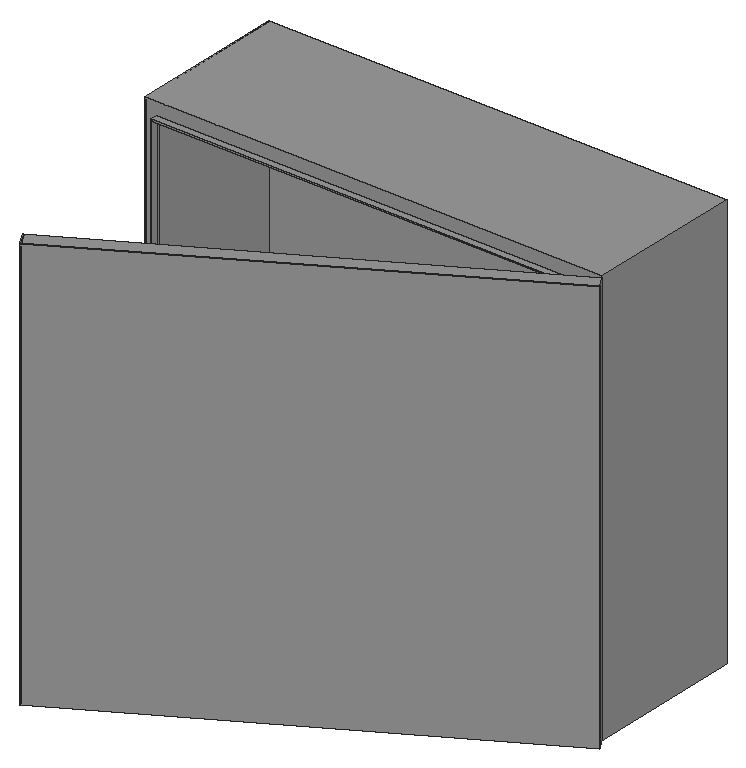
Revit family "Hager-Univers-IP44-D205-H500-Cl.I-Encl-NoHosted-AT-de", category Equipement électrique, Revit 2020
Family settings
  Configuration du panneau = Deux colonnes, circuits au sein
  Cote de connecteur circulaire = Utiliser le diamètre
  Type d'élément = Tableau de raccordement
  Basée sur le plan de construction = Oui
  Toujours verticalement = Oui
  Couper avec des vides une fois chargée = Non
  Partagée = Non
  Point de calcul de pièce = Non
Parameters (values of type "Aufputz IP44 B550 H500 T205  - FP32TN2")
  Width Control [instance] = if([EF000008 - Breite] > Min Width, [EF000008 - Breite], Min Width)  # 550 mm
  Commentaires du type = [HG000003 - Bereich]  # "Univers"
  Thickness Door [instance] = if([EF009171 - Materialstärke Tür/Deckel] > 3 mm, 3 mm, [EF009171 - Materialstärke Tür/Deckel])  # 1 mm
  Seal Frame Offset [instance] = 17 mm  # constant formula
  Plinth Visibility [instance] = [HG000027 - Sockelhöhe] > 0 mm  # no
  Min Width [instance] = 100 mm  # constant formula
  Min Depth [instance] = (2 * [EF009170 - Materialstärke Gehäuse]) + 1 mm  # 3 mm
  Min Height [instance] = 100 mm  # constant formula
  Internal Frame Depth [instance] = (Door System Depth * 0.5)  # 9 mm
  Panel Name [instance] = ""  # (empty or 0)
  Model = ""
  HG000027 - Sockelhöhe = 0 mm
  HG000026 - Stehend auf dem Boden = no
  HG000024 - Höhe des unteren Teils = 600 mm
  HG000023 - Gehäuse mit doppeltem Querschnitt = no
  HG000016 - 3D-Türsichtbarkeit [instance] = yes
  HG000015 - Sichtbarkeit der Türöffnung [instance] = no
  HG000014 - Tür rechts [instance] = yes
  HG000013 - Tür links [instance] = not([HG000014 - Tür rechts])  # no
  HG000012 - Türschwenkwinkel [instance] = 30.00°
  HG000010 - Asymmetrische Türen = no
  HG000009 - Doppelflügeligen Tür = no
  HG000006 - Unterputz = no
  HG000004 - Herstellerreferenz = "FP32TN2"
  HG000003 - Bereich = "Univers"
  HG000002 - Mit tür = yes
  Frame Offset Bottom [instance] = 10 mm  # constant formula
  Frame Offset [instance] = 15 mm  # constant formula
  EF015940 - Deckel mit Überdruckentlastung = no
  EF011959 - Schutzart (NEMA) = ""
  EF009554 - Anzahl der Öffnungen für Flanschplatten = 4
  EF009212 - Ausführung Deckel = "EV000116 - geschlossen"
  EF009171 - Materialstärke Tür/Deckel = 1 mm
  EF009170 - Materialstärke Gehäuse = 1 mm
  EF008873 - Nennstrom (In) = 250 A
  EF007800 - Geeignet für Blitzschutz = no
  EF006306 - Mit Schloss = no
  EF006244 - Transparenter Deckel/Tür = no
  EF005474 - Schutzart (IP) = "EV006418 - IP44"
  EF004464 - Art der Tür = "EV002646 - Einzel"
  EF004427 - Anzahl der Module = 72
  EF004293 - Schlagfestigkeit = "EV006815 - IK09"
  EF003532 - Geeignet für Außengebrauch = no
  EF002950 - Breite in Teilungseinheiten = 24
  EF001613 - Funktionserhalt = "EV000494 - ohne"
  EF001596 - Werkstoff des Gehäuses = "EV000179 - Stahl"
  EF001131 - Innentiefe = 205 mm
  EF001088 - Anbaumöglichkeit = yes
  EF000437 - Anzahl der Leitungseinführungen = 4
  EF000339 - Art der Abdeckung = "EV001012 - Deckel"
  EF000266 - Anzahl der Reihen = 3
  EF000218 - Einbautiefe = 205 mm
  EF000118 - Mit Montageplatte = no
  EF000116 - RAL-Nummer = "9010"
  EF000049 - Tiefe = 205 mm
  EF000040 - Höhe = 500 mm
  EF000008 - Breite = 550 mm
  EF000007 - Farbe = "EV000202 - weiß"
  EF000003 - Montageart = "EV000384 - Aufputz"
  Door System Leaf Tolerance [instance] = 1.5 mm  # constant formula
  Door System Depth [instance] = 18 mm  # constant formula
  Door Height [instance] = Height Control - [HG000027 - Sockelhöhe]  # 500 mm
  Description = ""
  Default Elevation = 1219.2 mm
  Connector Offset [instance] = Height Control / 2  # 250 mm
  Fabricant = "Hager"  # constant formula
  Height Control [instance] = if([EF000040 - Höhe] > Min Height, [EF000040 - Höhe], Min Height)  # 500 mm
  Depth Control [instance] = if([EF000049 - Tiefe] > Min Depth, [EF000049 - Tiefe], Min Depth)  # 205 mm
  Bottom Top Plate Trim [instance] = 1.5 mm  # constant formula
  Plinth height Ctrl [instance] = if([HG000027 - Sockelhöhe] > 0 mm, [HG000027 - Sockelhöhe], 12 mm)  # 12 mm
Types (2, lengths in mm): name | Width Control | HG000004 - Herstellerreferenz | EF009554 - Anzahl der Öffnungen für Flanschplatten | EF004427 - Anzahl der Module | EF002950 - Breite in Teilungseinheiten | EF000437 - Anzahl der Leitungseinführungen | EF000008 - Breite
  Aufputz IP44 B300 H500 T205  - FP31TN2 | 300 | "FP31TN2" | 2 | 36 | 12 | 2 | 300
  Aufputz IP44 B550 H500 T205  - FP32TN2 | 550 | "FP32TN2" | 4 | 72 | 24 | 4 | 550
Reference planes
  plane 1 "Center (Front/Back)": y = 0
  plane 2: z = 0
  plane 3 "Center (Left/Right)": x = 0
  plane 4: y = 0
  plane 5: y = 0
  plane 6: z = 0
  plane 7: x = -275
  plane 8: x = 275
  plane 9: x = 274
  plane 10: x = -274
  plane 11: z = 0
  plane 12: z = 1
  plane 13: y = -205
  plane 14: y = -1
  plane 15: x = 0
  plane 16: y = -187
  plane 17: y = -204
  plane 18: y = -186
  plane 19: x = -259
  plane 20: x = 259
  plane 21: z = 11
  plane 22: x = -258
  plane 23: x = 258
  plane 24: z = 0
  plane 25: z = 500
  plane 26: z = 500
  plane 27: z = 484
  plane 28: z = 499
Forms (mm)
  Extrusion 1, solid, material "Hager_Steel_RAL7035_Light_Grey", detail levels medium+fine
    sketch origin (-208.679, -4572, 0) x (-1, 0, 0) y (0, -1, 0)
      loop
        line (66.321, -4385) -> (-483.679, -4385) -> (-483.679, -4572) -> (66.321, -4572) -> (66.321, -4385)
    from 0 to 500
  Extrusion 2, void
    sketch origin (-350.771, -205, 1219.2) x (1, 0, 0) y (0, 0, 1)
      loop
        line (76.771, -720.2) -> (76.771, -1218.2) -> (624.771, -1218.2) -> (624.771, -720.2) -> (76.771, -720.2)
    from -19 to -204
  Extrusion 3, void
    sketch origin (-290.084, -187, 1219.2) x (1, 0, 0) y (0, 0, 1)
      loop
        line (31.084, -1208.2) -> (549.084, -1208.2) -> (549.084, -735.2) -> (31.084, -735.2) -> (31.084, -1208.2)
    from 0 to -1
  Extrusion 4, solid, material "Hager_Steel_RAL7035_Light_Grey", visible <- "Plinth Visibility", detail levels medium+fine
    sketch origin (0, 0, 0) x (1, 0, 0) y (0, 1, 0)
      loop
        line (-275, 0) -> (-275, -187) -> (275, -187) -> (275, 0) -> (-275, 0)
    from 0 to 12 <- "Plinth height Ctrl"
  Extrusion 5, solid, material "Hager_Steel_RAL7035_Light_Grey", detail levels coarse
    sketch origin (0, 0, 0) x (1, 0, 0) y (0, 1, 0)
      loop
        line (-275, 0) -> (-275, -205) -> (275, -205) -> (275, 0) -> (-275, 0)
    from 0 to 500 <- "Height Control"
  Sweep 6, void
    path in 3D
      loop
        line (-275, -187, 12) -> (275, -187, 12) -> (275, 0, 12) -> (-275, 0, 12) -> (-275, -187, 12)
    profile origin (-275, -93.5, 12) x (1, 0, 0) y (0, 0, 1)
      loop
        line (0, 0) -> (0, -1.5) -> (1.5, -1.5)
        arc (1.5, -1.5) -> (1.061, -0.439) -> (0, 0) r 1.5
  Extrusion 7, solid, material "Hager_Steel_RAL7035_Light_Grey", detail levels fine
    sketch origin (-275, -187, 0) x (1, 0, 0) y (0, 0, 1)
      loop
        line (16, 11) -> (534, 11) -> (534, 484) -> (16, 484) -> (16, 11)
      loop
        line (15, 10) -> (535, 10) -> (535, 485) -> (15, 485) -> (15, 10)
    from 0 to 9 <- "Internal Frame Depth"
Cuts and joins
  Extrusion 2, Extrusion 3 cuts Extrusion 1
  Sweep 6 cuts Extrusion 4
Lines and regions (mm)
  Masking region 1
    outline origin (0, 0, 0) x (1, 0, 0) y (0, 1, 0)
      loop
        line (-275, 0) -> (-275, -205) -> (275, -205) -> (275, 0) -> (-275, 0)
  Masking region 2, detail levels coarse
    outline origin (-290.084, -187, 1219.2) x (-1, 0, 0) y (0, 0, 1)
      loop
        line (-565.084, -1219.2) -> (-15.084, -1219.2) -> (-15.084, -719.2) -> (-565.084, -719.2) -> (-565.084, -1219.2)
  Masking region 3, detail levels coarse
    outline origin (0, 0, 0) x (0, 1, 0) y (0, 0, 1)
      loop
        line (0, 0) -> (0, 500) -> (-205, 500) -> (-205, 0) -> (0, 0)
  Masking region 4, visible <- "Plinth Visibility", detail levels medium+fine
    outline origin (0, 0, 0) x (0, 1, 0) y (0, 0, 1)
      loop
        line (-1.5, 12) -> (-185.5, 12)
        arc (-185.5, 12) -> (-185.939, 10.939) -> (-187, 10.5) r 1.5
        line (-187, 10.5) -> (-187, 0) -> (0, 0) -> (0, 10.5)
        arc (0, 10.5) -> (-1.061, 10.939) -> (-1.5, 12) r 1.5
  Masking region 5, detail levels medium+fine
    outline origin (0, 0, 594.038) x (0, 1, 0) y (0, 0, 1)
      loop
        line (0, -594.038) -> (0, -94.038) -> (-187, -94.038) -> (-187, -594.038) -> (0, -594.038)
  Masking region 6, detail levels medium+fine
    outline origin (-359.7, -187, 1211.883) x (-1, 0, 0) y (0, 0, 1)
      loop
        line (-634.7, -1211.883) -> (-84.7, -1211.883) -> (-84.7, -711.883) -> (-634.7, -711.883) -> (-634.7, -1211.883)
  Masking region 7, visible <- "Plinth Visibility", detail levels medium+fine
    outline origin (-320.334, -187, 1041.368) x (-1, 0, 0) y (0, 0, 1)
      loop
        line (-595.334, -1041.368) -> (-45.334, -1041.368) -> (-45.334, -1030.868)
        arc (-45.334, -1030.868) -> (-46.394, -1030.429) -> (-46.834, -1029.368) r 1.5
        line (-46.834, -1029.368) -> (-593.834, -1029.368)
        arc (-593.834, -1029.368) -> (-594.273, -1030.429) -> (-595.334, -1030.868) r 1.5
        line (-595.334, -1030.868) -> (-595.334, -1041.368)
  sketch lines
    curve 1: line (-275, 0, 12) -> (-275, -187, 12)
    curve 2: line (-275, -187, 12) -> (275, -187, 12)
    curve 3: line (275, 0, 12) -> (-275, 0, 12)
    curve 4: line (275, -187, 12) -> (275, 0, 12)
Dimensions and locks
  locked: plane 1 "Center (Front/Back)" to plane 5
  "EF009170 - Materialstärke Gehäuse": plane 7 to plane 10
  "EF009170 - Materialstärke Gehäuse": plane 8 to plane 9
  equal spacing: plane 7, plane 3 "Center (Left/Right)", plane 8
  "Width Control": plane 7 to plane 8
  "Depth Control": plane 4 to plane 13
  "EF009170 - Materialstärke Gehäuse": plane 4 to plane 14
  "Height Control": plane 25 to level
  "HG000027 - Sockelhöhe": plane 11 to level
  "EF009170 - Materialstärke Gehäuse": plane 12 to plane 11
  "EF009170 - Materialstärke Gehäuse": plane 17 to plane 13
  "EF009170 - Materialstärke Gehäuse": plane 18 to plane 16
  "Frame Offset Bottom": plane 21 to plane 12
  "Frame Offset": plane 10 to plane 19
  "Frame Offset": plane 9 to plane 20
  "Door System Depth": plane 16 to plane 13
  "Seal Frame Offset": plane 7 to plane 22
  "Seal Frame Offset": plane 8 to plane 23
  "EF009170 - Materialstärke Gehäuse": plane 26 to plane 28
  "Frame Offset": plane 28 to plane 27
  "Connector Offset": plane 2 to connector elem
  "Bottom Top Plate Trim": profile plane to Sweep 6 sketch curve
  "Bottom Top Plate Trim": Sweep 6 sketch curve to Sweep 6 sketch curve
  "Plinth height Ctrl": Masking region 4 sketch curve to level
  "Plinth height Ctrl": Masking region 7 sketch curve to level
  "Thickness Door": Extrusion 7 sketch curve to Extrusion 7 sketch curve  (x4)
  "Bottom Top Plate Trim": radius of Sweep 6 sketch curve
  "Bottom Top Plate Trim": radius of Masking region 4 sketch curve  (x2)
  "Bottom Top Plate Trim": radius of Masking region 7 sketch curve  (x2)
  aligned and locked: Extrusion 2 sketch curve to plane 12
  aligned and locked: Extrusion 2 sketch curve to plane 9
  aligned and locked: Extrusion 2 sketch curve to plane 10
  aligned and locked: plane 14 to Extrusion 2
  aligned and locked: plane 4 to Extrusion 1 sketch curve
  aligned and locked: plane 8 to Extrusion 1 sketch curve
  aligned and locked: plane 7 to Extrusion 1 sketch curve
  aligned and locked: Extrusion 2 to plane 18
  aligned and locked: plane 19 to Extrusion 3 sketch curve
  aligned and locked: plane 20 to Extrusion 3 sketch curve
  aligned and locked: Extrusion 3 to Extrusion 2
  aligned and locked: Extrusion 3 sketch curve to plane 21
  aligned and locked: plane 3 "Center (Left/Right)" to nested 1
  aligned and locked: Extrusion 1 sketch curve to plane 16
  aligned and locked: Extrusion 4 sketch curve to cut or joined group of Extrusion 1, Extrusion 2, Extrusion 3
  aligned and locked: Masking region 1 sketch curve to plane 7
  aligned and locked: Masking region 1 sketch curve to plane 5
  aligned and locked: Masking region 1 sketch curve to plane 8
  aligned and locked: Masking region 2 sketch curve to level
  aligned and locked: level to Masking region 3 sketch curve
  aligned and locked: plane 1 "Center (Front/Back)" to Masking region 3 sketch curve
  aligned and locked: plane 13 to Masking region 3 sketch curve
  aligned and locked: plane 5 to Masking region 4 sketch curve
  aligned and locked: Masking region 2 sketch curve to plane 8
  aligned and locked: Masking region 2 sketch curve to plane 7
  aligned and locked: plane 7 to nested 2
  aligned and locked: nested 2 to plane 5
  aligned and locked: plane 5 to Masking region 5 sketch curve
  aligned and locked: plane 26 to Masking region 5 sketch curve
  aligned and locked: Extrusion 5 sketch curve to plane 8
  aligned and locked: Extrusion 5 sketch curve to plane 7
  aligned and locked: Extrusion 5 sketch curve to plane 5
  aligned and locked: Extrusion 3 sketch curve to plane 27
  aligned and locked: Extrusion 2 sketch curve to plane 28
  aligned and locked: Masking region 2 to plane 25
  aligned and locked: Extrusion 4 to plane 16
  aligned and locked: profile plane to Sweep 6 sketch curve
  aligned and locked: Masking region 5 sketch curve to plane 24
  aligned and locked: level to Masking region 4 sketch curve
  aligned and locked: Masking region 1 to plane 13
  aligned and locked: nested 1 to plane 16
  aligned and locked: Masking region 3 to plane 25
  aligned and locked: plane 16 to Masking region 4 sketch curve
  aligned and locked: Masking region 5 sketch curve to plane 16
  aligned and locked: plane 24 to plane 11
  aligned and locked: plane 26 to plane 25
  aligned and locked: plane 26 to cut or joined group of Extrusion 1, Extrusion 2, Extrusion 3
  aligned and locked: nested 1 to plane 24
  aligned and locked: Extrusion 1 to Extrusion 3
  aligned and locked: Masking region 6 sketch curve to plane 8
  aligned and locked: Masking region 6 sketch curve to plane 24
  aligned and locked: Masking region 6 sketch curve to plane 7
  aligned and locked: Masking region 6 sketch curve to plane 26
  aligned and locked: Masking region 7 sketch curve to plane 7
  aligned and locked: level to Masking region 7 sketch curve
  aligned and locked: Masking region 7 sketch curve to plane 8
  aligned and locked: Extrusion 7 sketch curve to cut or joined group of Extrusion 1, Extrusion 2, Extrusion 3  (x4)
Automatic sketch dimensions
  plane 19 to Extrusion 3 sketch curve = 0 mm
  Extrusion 3 sketch curve to plane 20 = 0 mm
  Extrusion 3 sketch curve to plane 21 = 0 mm
  Extrusion 4 sketch curve to plane 7 = 0 mm
  Extrusion 4 sketch curve to plane 8 = 0 mm
  Extrusion 4 sketch curve to plane 16 = 0 mm
  Masking region 1 sketch curve to plane 13 = 0 mm
  Masking region 2 sketch curve to plane 25 = 0 mm
  Masking region 3 sketch curve to plane 25 = 0 mm
  Extrusion 5 sketch curve to plane 13 = 0 mm
  profile plane to Sweep 6 sketch curve = 0 mm
Nested families
  nested 1: "EC000058_Univers_Door" at (0, -187, 0), Double <- "HG000009 - Doppelflügeligen Tür", Transparent <- "EF006244 - Transparenter Deckel/Tür", Angle <- "HG000012 - Türschwenkwinkel", Door_Right <- "HG000014 - Tür rechts", Assymetrical <- "HG000010 - Asymmetrische Türen", Door <- "HG000002 - Mit tür", Width_Ctrl <- "Width Control", 3d_Door <- "HG000016 - 3D-Türsichtbarkeit", Clearance <- "HG000015 - Sichtbarkeit der Türöffnung", Door_Left <- "HG000013 - Tür links", Width <- "Width Control", Door_Depth <- "Door System Depth", Leaf_Tolerance <- "Door System Leaf Tolerance", Height <- "Door Height", Lock_Visibility <- "EF006306 - Mit Schloss", Thickness <- "Thickness Door", type "EC000058_Univers_Door", detail levels medium+fine
    with min_wh 3 mm, Width_Ctrl 550 mm, Width 550 mm, Transparent no, Thickness 1 mm, Seal_Material Hager_Rubber, Lock_Visibility no, Lock_Material Hager_Plastic_RAL9005_Jet_Black, Leaf_Width 550 mm, Leaf_Tolerance_External_Sides 0 mm, Leaf_Tolerance 1.5 mm, Leaf_Offset 0 mm, Leaf_Height 497 mm, Leaf_2_Width 550 mm, Leaf_2_Offset 275 mm, Leaf_1_Width 550 mm, Leaf_1_Offset 275 mm, Height_Ctrl 500 mm, Height 500 mm, Glass_Material Hager_Glass, Double_Clearance_Ctrl no, Double no, Door_Right_Ctrl yes, Door_Right yes, Door_Material Hager_Steel_RAL7035_Light_Grey, Door_Left_Ctrl no, Door_Left no, Door_Depth 18 mm, Door yes, Clearance_Material Hager_Clearance, Clearance_Depth 550 mm, Clearance_Ctrl no, Clearance no, Assymetrical no, Angle 30.00°, 3d_Door yes
  nested 2: "Hager_Enclosure_Symbol" at (-275, 0, 0), Height <- "Depth Control", Width <- "Width Control", type "Hager_Enclosure_Symbol"
    with Width_Ctrl 550 mm, Width 550 mm, Height_Ctrl 205 mm, Height 205 mm, A_Width_Int 13.453 mm, A_Width 161.438 mm, A_Height_Ctrl 179.375 mm, A_Height 179.375 mm
Connectors
  electrical at (0, 0, 250)
    settings: on plane 1 "Center (Front/Back)", index 1, voltage 0 V, apparent load 0 VA, apparent load phase1 0 VA, apparent load phase2 0 VA, apparent load phase3 0 VA, power factor 1, load classification "Other", number of poles 1, system type 30, power factor state 1, is connector primary yes, connector utility no, sub classification motor no, connector description ""
Definition of nested family "EC000058_Univers_Door"
  Parameters (values of type "EC000058_Univers_Door")
    min_wh [instance] = (2 * Thickness) + 1 mm  # 11 mm
    Width_Ctrl [instance] = 400 mm
    Width [instance] = 500 mm
    Transparent [instance] = yes
    Thickness [instance] = 5 mm
    Seal_Material [instance] = none
    Lock_Visibility [instance] = yes
    Lock_Material [instance] = none
    Leaf_Width [instance] = if((Width_Ctrl - 2 * Leaf_Tolerance_External_Sides) > 0 mm, (Width_Ctrl - 2 * Leaf_Tolerance_External_Sides), min_wh)  # 400 mm
    Leaf_Tolerance_External_Sides [instance] = 0 mm  # constant formula
    Leaf_Tolerance [instance] = 1.5 mm
    Leaf_Offset [instance] = 0 mm  # constant formula
    Leaf_Height [instance] = if((Height_Ctrl - 2 * Leaf_Tolerance) > 0 mm, (Height_Ctrl - 2 * Leaf_Tolerance), min_wh)  # 497 mm
    Leaf_2_Width [instance] = if(and(and(Double, Assymetrical), Door_Left), (Leaf_Width / 3) - (Leaf_Tolerance / 2), if(and(and(Double, Assymetrical), Door_Right), (Leaf_Width / 3) * 2 - (Leaf_Tolerance / 2), if(and(Double, not(Assymetrical)), (Leaf_Width / 2) - Leaf_Tolerance, Leaf_Width)))  # 400 mm
    Leaf_2_Offset [instance] = if(and(Double, Assymetrical), Leaf_2_Width / 2, if(and(Double, not(Assymetrical)), Leaf_Width / 4, Leaf_Width / 2))  # 200 mm
    Leaf_1_Width [instance] = if(and(and(Double, Assymetrical), Door_Right), (Leaf_Width / 3) - (Leaf_Tolerance / 2), if(and(and(Double, Assymetrical), Door_Left), (Width / 3) * 2 - (Leaf_Tolerance / 2), if(and(Double, not(Assymetrical)), (Leaf_Width / 2) - Leaf_Tolerance, Leaf_Width)))  # 400 mm
    Leaf_1_Offset [instance] = if(and(Double, Assymetrical), Leaf_1_Width / 2, if(and(Double, not(Assymetrical)), Leaf_Width / 4, Leaf_Width / 2))  # 200 mm
    Height_Ctrl [instance] = if(Height > min_wh, Height, min_wh)  # 500 mm
    Height [instance] = 500 mm
    Glass_Material [instance] = none
    Double_Clearance_Ctrl [instance] = and(Double, Clearance)  # no
    Double [instance] = no
    Door_Right_Ctrl [instance] = and(or(Door_Right, Double), Door)  # yes
    Door_Right [instance] = yes
    Door_Material [instance] = none
    Door_Left_Ctrl [instance] = and(or(Door_Left, Double), Door)  # no
    Door_Left [instance] = no
    Door_Depth [instance] = 30 mm
    Door [instance] = yes
    Default Elevation = 1219.2 mm
    Clearance_Material [instance] = none
    Clearance_Depth [instance] = if(Leaf_1_Width > Leaf_2_Width, Leaf_1_Width, Leaf_2_Width)  # 400 mm
    Clearance_Ctrl [instance] = and(not(Double), Clearance)  # yes
    Clearance [instance] = yes
    Assymetrical [instance] = yes
    Angle [instance] = 30.00°
    3d_Door [instance] = yes
  Reference planes
    plane 1 "Center (Front/Back)": y = 0
    plane 2 "Bottom": z = 0
    plane 3 "Center (Left/Right)": x = 0
    plane 4: z = 500
    plane 5: x = -200
    plane 6: x = 200
    plane 7: z = 500
    plane 8: x = -200
    plane 9: z = 0
    plane 10: x = 200
    plane 11: y = 0
    plane 12: z = 1.5
    plane 13: x = -600
    plane 14: y = -400
    plane 15: x = 600
    plane 16: x = 0
    plane 17: x = 0
    plane 18: x = -200
    plane 19: x = 200
    plane 20: z = 498.5
  Forms (mm)
    Extrusion 1, solid, material <- "Clearance_Material", visible <- "Double_Clearance_Ctrl"
      sketch origin (1200, 0, 0) x (1, 0, 0) y (0, 0, -1)
        loop
          line (-1800, -498.5) -> (-600, -498.5) -> (-600, 0) -> (-1800, 0) -> (-1800, -498.5)
      from 0 to -400
  Dimensions and locks
    equal spacing: plane 5, plane 3 "Center (Left/Right)", plane 6
    "Width_Ctrl": plane 5 to plane 6
    "Leaf_Offset": plane 5 to plane 8
    "Leaf_Offset": plane 6 to plane 10
    "Leaf_Offset": plane 9 to level
    "Leaf_Offset": plane 4 to plane 7
    "Height_Ctrl": plane 4 to level
    "Leaf_Tolerance": plane 12 to plane 9
    locked: plane 11 to plane 1 "Center (Front/Back)"
    "Leaf_1_Offset": plane 18 to plane 16
    "Leaf_2_Offset": plane 17 to plane 19
    "Leaf_1_Width": plane 13 to plane 8
    "Leaf_2_Width": plane 10 to plane 15
    "Clearance_Depth": plane 14 to plane 1 "Center (Front/Back)"
    "Leaf_Tolerance_External_Sides": plane 8 to plane 18
    "Leaf_Tolerance_External_Sides": plane 19 to plane 10
    "Leaf_Tolerance": plane 7 to plane 20
    aligned and locked: level to plane 2 "Bottom"
    aligned and locked: nested 1 to plane 16
    aligned and locked: nested 2 to plane 17
    aligned and locked: Extrusion 1 to plane 13
    aligned and locked: plane 15 to Extrusion 1
    aligned and locked: Extrusion 1 to plane 14
    aligned and locked: plane 12 to nested 1
    aligned and locked: nested 2 to plane 12
    aligned and locked: Extrusion 1 to plane 11
    aligned and locked: plane 20 to Extrusion 1
    aligned and locked: nested 2 to plane 11
    aligned and locked: nested 1 to plane 11
  Automatic sketch dimensions
    Extrusion 1 sketch curve to level = 0 mm
    plane 5 to Extrusion 1 sketch curve = 400 mm
    plane 6 to Extrusion 1 sketch curve = 400 mm
    Extrusion 1 sketch curve to plane 4 = 1.5 mm
  Nested families
    nested 1: "EC000058_Univers_Door_Leaf" at (0, 0, 1.5), Width <- "Leaf_1_Width", visible <- "Door_Left_Ctrl", Leaf_Height <- "Leaf_Height", Angle <- "Angle", 3d_Door <- "3d_Door", Transparent <- "Transparent", Clearance Material <- "Clearance_Material", Clearance <- "Clearance_Ctrl", Door_Material <- "Door_Material", Glass_Material <- "Glass_Material", Door_Depth <- "Door_Depth", Lock_Material <- "Lock_Material", Seal_Material <- "Seal_Material", Lock_Visibility <- "Lock_Visibility", Thickness <- "Thickness", type "EC000058_Univers_Door_Leaf"
      with Width 400 mm, Transparent_Glass_Offset 30 mm, Transparent_Ctrl yes, Transparent yes, Thickness 5 mm, Standard no, Seal_Material none, Seal_D2 8 mm, Seal_D1 1 mm, Offset_Internal_Frame 10 mm, Lock_Width 20 mm, Lock_Visibility_3d yes, Lock_Visibility yes, Lock_Thickness_3 3 mm, Lock_Thickness_2 1 mm, Lock_Thickness_1 3 mm, Lock_Radius_Offset_2 16 mm, Lock_Radius_Offset_1 15 mm, Lock_Radius_2 5 mm, Lock_Radius 6 mm, Lock_Offset 5 mm, Lock_Material none, Lock_Height 80 mm, Lock_Cover_Top_Offset_2d 17 mm, Lock_Cover_Height -65 mm, Leaf_Height 497 mm, Internal_Seal_Thickness 8 mm, Internal_Seal_Depth_2 4.5 mm, Internal_Frame_Depth 25 mm, Glass_Thickness -1 mm, Glass_Offset -2 mm, Glass_Material none, Door_Material none, Door_Depth 30 mm, Clearance Material none, Clearance yes, Angle_Ctrl 30.00°, Angle 30.00°, 3d_Door yes
    nested 2: "EC000058_Univers_Door_Leaf" at (0, 0, 1.5) x (-1, 0, 0) z (0, 0, 1), Width <- "Leaf_2_Width", visible <- "Door_Right_Ctrl", Leaf_Height <- "Leaf_Height", Angle <- "Angle", 3d_Door <- "3d_Door", Transparent <- "Transparent", Clearance Material <- "Clearance_Material", Clearance <- "Clearance_Ctrl", Door_Material <- "Door_Material", Glass_Material <- "Glass_Material", Door_Depth <- "Door_Depth", Lock_Material <- "Lock_Material", Seal_Material <- "Seal_Material", Lock_Visibility <- "Lock_Visibility", Thickness <- "Thickness", type "EC000058_Univers_Door_Leaf"
      with Width 400 mm, Transparent_Glass_Offset 30 mm, Transparent_Ctrl yes, Transparent yes, Thickness 5 mm, Standard no, Seal_Material none, Seal_D2 8 mm, Seal_D1 1 mm, Offset_Internal_Frame 10 mm, Lock_Width 20 mm, Lock_Visibility_3d yes, Lock_Visibility yes, Lock_Thickness_3 3 mm, Lock_Thickness_2 1 mm, Lock_Thickness_1 3 mm, Lock_Radius_Offset_2 16 mm, Lock_Radius_Offset_1 15 mm, Lock_Radius_2 5 mm, Lock_Radius 6 mm, Lock_Offset 5 mm, Lock_Material none, Lock_Height 80 mm, Lock_Cover_Top_Offset_2d 17 mm, Lock_Cover_Height -65 mm, Leaf_Height 497 mm, Internal_Seal_Thickness 8 mm, Internal_Seal_Depth_2 4.5 mm, Internal_Frame_Depth 25 mm, Glass_Thickness -1 mm, Glass_Offset -2 mm, Glass_Material none, Door_Material none, Door_Depth 30 mm, Clearance Material none, Clearance yes, Angle_Ctrl 30.00°, Angle 30.00°, 3d_Door yes
  Definition of nested family "EC000058_Univers_Door_Leaf"
    Parameters (values of type "EC000058_Univers_Door_Leaf")
      Width [instance] = 2000 mm
      Transparent_Glass_Offset [instance] = 30 mm
      Transparent_Ctrl [instance] = and(Transparent, [3d_Door])  # yes
      Transparent [instance] = yes
      Thickness [instance] = 5 mm
      Standard [instance] = and(not(Transparent), [3d_Door])  # no
      Seal_Material [instance] = none
      Seal_D2 [instance] = 8 mm  # constant formula
      Seal_D1 [instance] = 1 mm  # constant formula
      Offset_Internal_Frame [instance] = 10 mm  # constant formula
      Lock_Width [instance] = 20 mm  # constant formula
      Lock_Visibility_3d [instance] = and(Lock_Visibility, [3d_Door])  # yes
      Lock_Visibility [instance] = yes
      Lock_Thickness_3 [instance] = 3 mm  # constant formula
      Lock_Thickness_2 [instance] = 1 mm  # constant formula
      Lock_Thickness_1 [instance] = 3 mm  # constant formula
      Lock_Radius_Offset_2 [instance] = Lock_Radius_Offset_1 + 1 mm  # 16 mm
      Lock_Radius_Offset_1 [instance] = 15 mm  # constant formula
      Lock_Radius_2 [instance] = Lock_Radius - 1 mm  # 5 mm
      Lock_Radius [instance] = 6 mm  # constant formula
      Lock_Offset [instance] = 5 mm  # constant formula
      Lock_Material [instance] = none
      Lock_Height [instance] = 80 mm  # constant formula
      Lock_Cover_Top_Offset_2d [instance] = Lock_Radius_Offset_2 + 1 mm  # 17 mm
      Lock_Cover_Height [instance] = -(Lock_Height - Lock_Radius_Offset_1)  # -65 mm
      Leaf_Height [instance] = 2720.336 mm
      Internal_Seal_Thickness [instance] = 8 mm  # constant formula
      Internal_Seal_Depth_2 [instance] = 4.5 mm  # constant formula
      Internal_Frame_Depth [instance] = if(Door_Depth - Thickness > 5 mm, Door_Depth - Thickness, 5 mm)  # 25 mm
      Glass_Thickness [instance] = if(Thickness > 15 mm, Glass_Offset + 10 mm, -1 mm)  # -1 mm
      Glass_Offset [instance] = if(Thickness > 15 mm, -(Thickness + 10 mm) / 2, -2 mm)  # -2 mm
      Glass_Material [instance] = none
      Door_Material [instance] = none
      Door_Depth [instance] = 30 mm
      Default Elevation = 0 mm
      Clearance Material [instance] = none
      Clearance [instance] = yes
      Angle_Ctrl [instance] = if(Angle > 180.00°, 180.00°, Angle)  # 90.00°
      Angle [instance] = 90.00°
      3d_Door [instance] = yes
    Reference planes
      plane 1 "Center (Front/Back)": y = 0
      plane 2: z = 0
      plane 3 "Center (Left/Right)": x = 0
      plane 4: y = 2000
      plane 5: x = -1000
      plane 6: x = 1000
      plane 7: x = -3000
      plane 8: z = 2720.336
      plane 9: z = 30
      plane 10: z = 2690.336
      plane 11: x = 970
      plane 12: x = -970
      plane 13: y = -3
      plane 14: z = 107.833
      plane 15: y = -5
      plane 16: y = -223.314
      plane 17: x = -1000
      plane 18: z = 1360.168
      plane 19: y = 30
    Forms (mm)
      Extrusion 1, solid, material <- "Clearance Material", visible <- "Clearance"
        sketch origin (0, 0, 0) x (1, 0, 0) y (0, 0, 1)
          loop
            line (-3000, 2720.336) -> (-3000, 0) -> (1000, 0) -> (1000, 2720.336) -> (-3000, 2720.336)
        from 0 to -2000
      Extrusion 2, solid, material <- "Door_Material", visible <- "Standard", detail levels medium+fine
        sketch origin (-1000, 0, 0) x (0, 1, 0) y (-1, 0, 0)
          loop
            line (0, 30) -> (0, 25) -> (2000, 25) -> (2000, 30) -> (0, 30)
        from 0 to 2720.336 <- "Leaf_Height"
      Extrusion 3, solid, material <- "Door_Material", visible <- "Transparent_Ctrl", detail levels medium+fine
        sketch origin (-1000, 0, 0) x (0, 1, 0) y (-1, 0, 0)
          loop
            line (0, 25) -> (2000, 25) -> (2000, 30) -> (0, 30) -> (0, 25)
        from 0 to 2720.336 <- "Leaf_Height"
      Extrusion 4, void
        sketch origin (-1025, 2000, 0) x (0, 1, 0) y (0, 0, -1)
          loop
            line (-30, -2690.336) -> (-30, -30) -> (-1970, -30) -> (-1970, -2690.336) -> (-30, -2690.336)
        from 0 to 5 <- "Thickness"
      Sweep 5, solid, material <- "Seal_Material", visible <- "Transparent_Ctrl", detail levels fine
        path in 3D
          loop
            line (-1025, 30, 30) -> (-1025, 30, 2690.336) -> (-1025, 1970, 2690.336) -> (-1025, 1970, 30) -> (-1025, 30, 30)
        profile origin (-1025, 1000, 30) x (1, 0, 0) y (0, 0, 1)
          loop
            line (0, 0) -> (0, -8) -> (1, -8) -> (1, 0) -> (0, 0)
      Extrusion 6, solid, material <- "Glass_Material", visible <- "Transparent_Ctrl", detail levels medium+fine
        sketch origin (-1030, 0, 0) x (0, 1, 0) y (0, 0, -1)
          loop
            line (1970, -2690.336) -> (1970, -30) -> (30, -30) -> (30, -2690.336) -> (1970, -2690.336)
        from -2 <- "Glass_Offset" to -1 <- "Glass_Thickness"
      Extrusion 7, solid, material <- "Door_Material", visible <- "3d_Door", detail levels medium+fine
        sketch origin (-1025, 2000, 0) x (0, -1, 0) y (0, 0, -1)
          loop
            line (0, -2720.336) -> (2000, -2720.336) -> (2000, 0) -> (0, 0) -> (0, -2720.336)
          loop
            line (1995, -5) -> (5, -5) -> (5, -2715.336) -> (1995, -2715.336) -> (1995, -5)
        from 0 to 25 <- "Internal_Frame_Depth"
      Sweep 8, solid, material <- "Seal_Material", visible <- "Transparent_Ctrl", detail levels fine
        path in 3D
          loop
            line (-1025, 0, 0) -> (-1025, 2000, 0) -> (-1025, 2000, 2720.336) -> (-1025, 0, 2720.336) -> (-1025, 0, 0)
        profile origin (-1025, 0, 1360.168) x (1, 0, 0) y (0, 1, 0)
          loop
            line (0, 10) -> (2.975, 10)
            arc (2.975, 10) -> (4.053, 10.447) -> (4.5, 11.525) r 1.525
            line (4.5, 11.525) -> (4.5, 16.527)
            arc (4.5, 16.527) -> (4.069, 17.569) -> (3.027, 18) r 1.473
            line (3.027, 18) -> (0, 18) -> (0, 10)
      Extrusion 9, solid, material <- "Lock_Material", visible <- "Lock_Visibility_3d", detail levels fine
        sketch origin (-1030, 0, 0) x (0, 1, 0) y (0, 0, -1)
          loop
            arc (1993.5, -1400.168) -> (1994.561, -1399.729) -> (1995, -1398.668) r 1.5
            line (1995, -1398.668) -> (1995, -1320.168) -> (1975, -1320.168) -> (1975, -1398.668)
            arc (1975, -1398.668) -> (1975.439, -1399.729) -> (1976.5, -1400.168) r 1.5
            line (1976.5, -1400.168) -> (1993.5, -1400.168)
        from 3 <- "Lock_Thickness_1" to 0
      Blend 10, solid, material <- "Lock_Material", visible <- "Lock_Visibility_3d", detail levels fine
        base sketch origin (-1033, 0, 0) x (0, 1, 0) y (0, 0, -1)
          loop
            line (1975, -1320.168) -> (1975, -1398.668)
            arc (1975, -1398.668) -> (1975.439, -1399.729) -> (1976.5, -1400.168) r 1.5
            line (1976.5, -1400.168) -> (1993.5, -1400.168)
            arc (1993.5, -1400.168) -> (1994.561, -1399.729) -> (1995, -1398.668) r 1.5
            line (1995, -1398.668) -> (1995, -1320.168) -> (1975, -1320.168)
        top sketch origin (-1033, 0, 0) x (0, 1, 0) y (0, 0, -1)
          loop
            line (1976, -1320.168) -> (1976, -1398.668)
            arc (1976, -1398.668) -> (1976.146, -1399.022) -> (1976.5, -1399.168) r 0.5
            line (1976.5, -1399.168) -> (1993.5, -1399.168)
            arc (1993.5, -1399.168) -> (1993.854, -1399.022) -> (1994, -1398.668) r 0.5
            line (1994, -1398.668) -> (1994, -1320.168) -> (1976, -1320.168)
        from 0 to 1 <- "Lock_Thickness_2"
      Blend 11, solid, material <- "Lock_Material", visible <- "Lock_Visibility_3d", detail levels fine
        base sketch origin (-1034, 0, 0) x (0, 1, 0) y (0, 0, -1)
          loop
            line (1978, -1320.168) -> (1978, -1384.168)
            arc (1978, -1384.168) -> (1985, -1391.168) -> (1992, -1384.168) r 7
            line (1992, -1384.168) -> (1992, -1320.168) -> (1978, -1320.168)
        top sketch origin (-1034, 0, 0) x (0, 1, 0) y (0, 0, -1)
          loop
            line (1991, -1320.168) -> (1979, -1320.168) -> (1979, -1383.168)
            arc (1979, -1383.168) -> (1985, -1389.168) -> (1991, -1383.168) r 6
            line (1991, -1383.168) -> (1991, -1320.168)
        from 0 to 3 <- "Lock_Thickness_3"
      Extrusion 12, solid, material <- "Lock_Material", visible <- "Lock_Visibility_3d", detail levels fine
        sketch origin (-1030, 1975, 1320.168) x (1, 0, 0) y (0, -1, 0)
          loop
            line (-7, -19) -> (-7, -1) -> (0, -1) -> (0, 0) -> (-8, 0) -> (-8, -20) -> (0, -20) -> (0, -19) -> (-7, -19)
        from 0 to -65 <- "Lock_Cover_Height"
      Extrusion 13, void
        sketch origin (-1038, 1995, 1320.168) x (-1, 0, 0) y (0, 0, -1)
          loop
            line (-5, -65) -> (0, -65) -> (-5, -60) -> (-5, -65)
        from 0 to 20 <- "Lock_Width"
      Extrusion 14, void
        sketch origin (-1038, 1975, 1320.168) x (0, -1, 0) y (0, 0, -1)
          loop
            circle (-10, -15.995) r 6
          loop
            circle (-10, -15.995) r 5
        from 0 to 2
      Extrusion 15, solid, material <- "Lock_Material", visible <- "Lock_Visibility_3d", detail levels medium
        sketch origin (-1030, 0, 0) x (0, 1, 0) y (0, 0, -1)
          loop
            arc (1993.5, -1400.168) -> (1994.561, -1399.729) -> (1995, -1398.668) r 1.5
            line (1995, -1398.668) -> (1995, -1320.168) -> (1975, -1320.168) -> (1975, -1398.668)
            arc (1975, -1398.668) -> (1975.439, -1399.729) -> (1976.5, -1400.168) r 1.5
            line (1976.5, -1400.168) -> (1993.5, -1400.168)
        from 8 to 0
    Cuts and joins
      Extrusion 4 cuts Extrusion 3
      Extrusion 13, Extrusion 14 cuts Extrusion 9
      Extrusion 14 cuts Blend 11
      Extrusion 13, Extrusion 14 cuts Extrusion 12
      joined: Extrusion 9, Blend 10, Blend 11, Extrusion 12
      Extrusion 14 cuts Extrusion 15
    Lines and regions (mm)
      Masking region 1, visible <- "Lock_Visibility", detail levels fine
        outline origin (0, 0, 0) x (0, 1, 0) y (0, 0, 1)
          loop
            line (30, 1320.168) -> (33, 1320.168) -> (33, 1400.168) -> (30, 1400.168) -> (30, 1320.168)
      Masking region 2, visible <- "Lock_Visibility", detail levels fine
        outline origin (0, 3.143, 0) x (0, 1, 0) y (0, 0, 1)
          loop
            line (29.857, 1354.168) -> (30.857, 1354.168) -> (30.857, 1366.168) -> (29.857, 1366.168) -> (29.857, 1354.168)
      Masking region 3, detail levels medium+fine
        outline origin (0, 0, 0) x (0, 1, 0) y (0, 0, 1)
          loop
            line (0, 0) -> (30, 0) -> (30, 2720.336) -> (0, 2720.336) -> (0, 0)
      Masking region 4, detail levels medium+fine
        outline origin (0, 0, 0) x (1, 0, 0) y (0, 0, 1)
          loop
            line (-1000, 2720.336) -> (-1000, 0) -> (1000, 0) -> (1000, 2720.336) -> (-1000, 2720.336)
      Masking region 5, visible <- "Lock_Visibility", detail levels fine
        outline origin (-47.116, 0, 0) x (1, 0, 0) y (0, 0, 1)
          loop
            arc (1024.616, 1399.168) -> (1023.556, 1398.729) -> (1023.116, 1397.668) r 1.5
            line (1023.116, 1397.668) -> (1023.116, 1320.168) -> (1041.116, 1320.168) -> (1041.116, 1397.668)
            arc (1041.116, 1397.668) -> (1040.677, 1398.729) -> (1039.616, 1399.168) r 1.5
            line (1039.616, 1399.168) -> (1024.616, 1399.168)
      Masking region 6, visible <- "Lock_Visibility", detail levels medium+fine
        outline origin (-25, 0, 0) x (1, 0, 0) y (0, 0, 1)
          loop
            arc (1001.5, 1400.168) -> (1000.439, 1399.729) -> (1000, 1398.668) r 1.5
            line (1000, 1398.668) -> (1000, 1320.168) -> (1020, 1320.168) -> (1020, 1398.668)
            arc (1020, 1398.668) -> (1019.561, 1399.729) -> (1018.5, 1400.168) r 1.5
            line (1018.5, 1400.168) -> (1001.5, 1400.168)
      Masking region 7, visible <- "Lock_Visibility", detail levels fine
        outline origin (-73.735, 0, 0) x (1, 0, 0) y (0, 0, 1)
          loop
            line (1051.735, 1382.168) -> (1065.735, 1382.168) -> (1065.735, 1384.168)
            arc (1065.735, 1384.168) -> (1058.735, 1391.168) -> (1051.735, 1384.168) r 7
            line (1051.735, 1384.168) -> (1051.735, 1382.168)
      Masking region 8, visible <- "Lock_Visibility", detail levels fine
        outline origin (-73.735, 0, 0) x (1, 0, 0) y (0, 0, 1)
          loop
            line (1052.735, 1382.168) -> (1064.735, 1382.168) -> (1064.735, 1383.168)
            arc (1064.735, 1383.168) -> (1058.735, 1389.168) -> (1052.735, 1383.168) r 6
            line (1052.735, 1383.168) -> (1052.735, 1382.168)
      Masking region 9, visible <- "Lock_Visibility", detail levels fine
        outline origin (-25, 0, 0) x (1, 0, 0) y (0, 0, 1)
          loop
            line (1020, 1320.168) -> (1020, 1382.168) -> (1000, 1382.168) -> (1000, 1320.168) -> (1020, 1320.168)
      Masking region 10, detail levels medium+fine
        outline origin (0, 0, 0) x (1, 0, 0) y (0, 0, 1)
          loop
            circle (985, 1335.144) r 6
      Masking region 11, detail levels fine
        outline origin (0, 0, 0) x (1, 0, 0) y (0, 0, 1)
          loop
            circle (985, 1335.144) r 5
      Masking region 12, visible <- "Lock_Visibility", detail levels fine
        outline origin (0, 12.767, 0) x (0, 1, 0) y (0, 0, 1)
          loop
            line (20.233, 1320.168) -> (21.233, 1320.168) -> (21.233, 1399.168) -> (20.233, 1400.168) -> (20.233, 1320.168)
      Masking region 13, visible <- "Lock_Visibility", detail levels fine
        outline origin (0, 13.767, -10) x (0, 1, 0) y (0, 0, 1)
          loop
            line (20.233, 1330.168) -> (23.233, 1330.168) -> (23.233, 1399.168) -> (20.233, 1402.168) -> (20.233, 1330.168)
      Masking region 14, visible <- "Lock_Visibility", detail levels fine
        outline origin (0, 12.767, -10) x (0, 1, 0) y (0, 0, 1)
          loop
            line (20.233, 1330.168) -> (25.233, 1330.168) -> (25.233, 1399.305) -> (20.233, 1394.305) -> (20.233, 1330.168)
      Masking region 15, visible <- "Lock_Visibility", detail levels medium
        outline origin (0, 0, 0) x (0, 1, 0) y (0, 0, 1)
          loop
            line (30, 1320.168) -> (38, 1320.168) -> (38, 1400.168) -> (30, 1400.168) -> (30, 1320.168)
      Masking region 16, visible <- "Lock_Visibility", detail levels fine
        outline origin (-1000, 0, 0) x (0, 1, 0) y (-1, 0, 0)
          loop
            line (1975, 30) -> (1995, 30) -> (1995, 38) -> (1975, 38) -> (1975, 30)
          loop
            line (1979, 37) -> (1976, 37) -> (1976, 34) -> (1978, 34) -> (1979, 37)
          loop
            line (1994, 37) -> (1991, 37) -> (1992, 34) -> (1994, 34) -> (1994, 37)
      Masking region 17, visible <- "Lock_Visibility", detail levels medium
        outline origin (-1000, 0, 0) x (0, 1, 0) y (-1, 0, 0)
          loop
            line (1975, 30) -> (1995, 30) -> (1995, 38) -> (1975, 38) -> (1975, 30)
      symbolic lines
        curve 1: line (1000, 0, 0) -> (-3000, 0, 0)
        curve 2: arc (1000, 0, 0) -> (-1000, 2000, 0) -> (-3000, 0, 0) r 2000
        curve 4: line (-1030, 0, 0) -> (-1030, 2000, 0)
      reference lines
        curve 3: line (-1000, 0, 0) -> (-1000, 2000, 0)
      symbolic lines, detail levels medium+fine
        curve 5: line (-1030, 2000, 0) -> (-1025, 2000, 0)
        curve 7: line (-1025, 0, 0) -> (-1030, 0, 0)
        curve 8: line (-1025, 0, 0) -> (-1000, 0, 0)
        curve 9: line (-1000, 0, 0) -> (-1000, 2000, 0)
        curve 10: line (-1000, 2000, 0) -> (-1025, 2000, 0)
      symbolic lines, detail levels fine
        curve 6: line (-1025, 2000, 0) -> (-1025, 0, 0)
      sketch lines
        curve 11: line (-1025, 0, 2720.336) -> (-1025, 0, 0)
        curve 12: line (-1025, 2000, 0) -> (-1025, 0, 0)
        curve 13: line (-1025, 2000, 2720.336) -> (-1025, 2000, 0)
        curve 14: line (-1025, 0, 2720.336) -> (-1025, 2000, 2720.336)
        curve 15: line (-1025, 1970, 30) -> (-1025, 30, 30)
        curve 16: line (-1025, 30, 30) -> (-1025, 30, 2690.336)
        curve 17: line (-1025, 1970, 2690.336) -> (-1025, 1970, 30)
        curve 18: line (-1025, 30, 2690.336) -> (-1025, 1970, 2690.336)
      symbolic lines, visible <- "Transparent", detail levels medium+fine
        curve 19: line (-970, 0, 2690.336) -> (970, 0, 2690.336)
        curve 20: line (-970, 0, 30) -> (-970, 0, 2690.336)
        curve 21: line (970, 0, 30) -> (-970, 0, 30)
        curve 22: line (970, 0, 2690.336) -> (970, 0, 30)
    Dimensions and locks
      "Width": plane 1 "Center (Front/Back)" to plane 4
      equal spacing: plane 5, plane 3 "Center (Left/Right)", plane 6
      "Width": plane 5 to plane 6
      "Width": plane 7 to plane 5
      "Leaf_Height": plane 8 to level
      "Width": curve 5 to curve 3
      "Width": curve 3 to curve 3
      plane 8 to plane 10 = 30 mm
      plane 9 to level = 30 mm
      plane 12 to plane 5 = 30 mm
      plane 6 to plane 11 = 30 mm
      Extrusion 1 to Extrusion 4 sketch curve = 30 mm
      "Transparent_Glass_Offset": curve 3 to Extrusion 4 sketch curve
      "Transparent_Glass_Offset": Extrusion 4 sketch curve to cut or joined group of Extrusion 3, Extrusion 4  (x2)
      cut or joined group of Extrusion 3, Extrusion 4 to Extrusion 6 sketch curve = 30 mm
      "Transparent_Glass_Offset": cut or joined group of Extrusion 3, Extrusion 4 to Extrusion 4 sketch curve
      "Thickness": curve 6 to curve 4
      "Thickness": Extrusion 7 sketch curve to Extrusion 7 sketch curve  (x4)
      "Door_Depth": curve 4 to curve 3
      "Offset_Internal_Frame": profile plane to Sweep 8 sketch curve
      "Internal_Seal_Thickness": Sweep 8 sketch curve to Sweep 8 sketch curve
      "Internal_Seal_Depth_2": profile plane to Sweep 8 sketch curve
      "Seal_D1": profile plane to Sweep 5 sketch curve
      "Seal_D2": profile plane to Sweep 5 sketch curve
      "Thickness": Extrusion 2 sketch curve to Extrusion 2 sketch curve
      equal spacing: Extrusion 9 sketch curve, plane 18, Extrusion 9 sketch curve  (x2)
      equal spacing: Masking region 1 sketch curve, plane 18, Masking region 1 sketch curve
      "Lock_Height": Masking region 1 sketch curve to Masking region 1 sketch curve
      "Lock_Radius": Masking region 2 sketch curve to plane 18 to Masking region 2 sketch curve
      Masking region 2 sketch curve to Masking region 1 = 1 mm
      "Door_Depth": plane 19 to plane 1 "Center (Front/Back)"
      "Lock_Thickness_1": Masking region 1 sketch curve to plane 19
      "Lock_Width": Extrusion 9 sketch curve to Extrusion 9 sketch curve
      "Lock_Height": Extrusion 9 sketch curve to Extrusion 9 sketch curve
      "Lock_Offset": cut or joined group of Extrusion 3, Extrusion 4 to Extrusion 9 sketch curve
      equal spacing: plane 8, plane 18, level
      "Lock_Radius_Offset_1": Blend 11 sketch curve to Blend 10
      locked: Blend 10 to Blend 11 sketch curve at 2  (x2)
      locked: var sketch to Blend 11 sketch curve at 1  (x2)
      "Lock_Radius_Offset_2": Blend 11 sketch curve to Blend 10
      locked: Extrusion 12 sketch curve to Extrusion 12 sketch curve at 1  (x3)
      Masking region 6 sketch curve to Masking region 6 sketch curve = 80 mm
      "Lock_Height": Masking region 6 sketch curve to Masking region 6 sketch curve
      "Lock_Width": Masking region 6 sketch curve to Masking region 6 sketch curve
      locked: Masking region 6 to Masking region 5 sketch curve at 1  (x3)
      locked: Masking region 5 to Masking region 7 sketch curve at 2  (x2)
      "Lock_Radius_Offset_1": Masking region 5 to Masking region 7 sketch curve
      "Lock_Radius_Offset_2": Masking region 5 to Masking region 8 sketch curve
      locked: Masking region 7 to Masking region 8 sketch curve at 1  (x2)
      "Lock_Cover_Top_Offset_2d": Masking region 5 to Masking region 9 sketch curve
      equal spacing: Masking region 9, Masking region 10 sketch curve, Masking region 9
      equal spacing: Masking region 9, Masking region 11 sketch curve, Masking region 9
      Extrusion 15 sketch curve to Extrusion 15 sketch curve = 80 mm
      "Lock_Width": Extrusion 15 sketch curve to Extrusion 15 sketch curve
      "Lock_Height": Extrusion 15 sketch curve to Extrusion 15 sketch curve
      equal spacing: Extrusion 15 sketch curve, plane 18, Extrusion 15 sketch curve
      "Lock_Thickness_3": Masking region 13 sketch curve to Masking region 13 sketch curve
      "Lock_Height": Masking region 12 sketch curve to Masking region 12 sketch curve
      locked: Masking region 13 sketch curve to Masking region 1 at 8
      locked: Masking region 14 sketch curve to Masking region 13 at 1
      locked: Masking region 14 sketch curve to Masking region 1 at 10.863
      "Lock_Height": Masking region 15 sketch curve to Masking region 15 sketch curve
      "Lock_Offset": Extrusion 15 sketch curve to cut or joined group of Extrusion 3, Extrusion 4
      "Lock_Offset": plane 6 to Masking region 6 sketch curve
      radius of Sweep 8 sketch curve = 1.525 mm
      radius of Sweep 8 sketch curve = 1.473 mm
      radius of Extrusion 9 sketch curve = 1.5 mm  (x2)
      "Lock_Radius": radius of Extrusion 14 sketch curve
      "Lock_Radius_2": radius of Extrusion 14 sketch curve
      "Lock_Radius": radius of Masking region 10 sketch curve
      "Lock_Radius_2": radius of Masking region 11 sketch curve
      radius of Extrusion 15 sketch curve = 1.5 mm  (x2)
      "Angle_Ctrl": angle plane 1 "Center (Front/Back)" to curve 3
      locked: Masking region 12 sketch curve to Masking region 12 sketch curve (angle 45.00°)
      locked: Masking region 13 sketch curve to Masking region 13 sketch curve (angle 45.00°)
      locked: Masking region 14 sketch curve to Masking region 14 sketch curve (angle 45.00°)
      aligned and locked: level to plane 2
      aligned and locked: Extrusion 1 to curve 1
      aligned and locked: plane 6 to Extrusion 1
      aligned and locked: Extrusion 1 to plane 1 "Center (Front/Back)"
      aligned and locked: plane 4 to Extrusion 1
      aligned and locked: plane 8 to Extrusion 1
      aligned and locked: curve 7 to Extrusion 2 sketch curve
      aligned and locked: curve 5 to Extrusion 2 sketch curve
      aligned and locked: curve 7 to Extrusion 3 sketch curve
      aligned and locked: Extrusion 3 sketch curve to curve 4
      aligned and locked: Extrusion 3 sketch curve to curve 6
      aligned and locked: Extrusion 3 sketch curve to curve 5
      aligned and locked: curve 9 to curve 3
      aligned and locked: Extrusion 7 sketch curve to cut or joined group of Extrusion 3, Extrusion 4  (x4)
      aligned and locked: plane 17 to curve 3
      aligned and locked: plane 1 "Center (Front/Back)" to curve 3
      aligned and locked: plane 17 to plane 5
      aligned and locked: Sweep 8 sketch curve to profile plane
      aligned and locked: Sweep 5 sketch curve to profile plane  (x2)
      aligned and locked: Masking region 1 to Masking region 2 sketch curve
      aligned and locked: plane 19 to Masking region 1 sketch curve
      aligned and locked: plane 1 "Center (Front/Back)" to Masking region 3 sketch curve
      aligned and locked: plane 19 to Masking region 3 sketch curve
      aligned and locked: level to Masking region 3 sketch curve
      aligned and locked: Masking region 3 sketch curve to plane 8
      aligned and locked: plane 17 to Masking region 4 sketch curve
      aligned and locked: level to Masking region 4 sketch curve
      aligned and locked: Masking region 4 sketch curve to plane 8
      aligned and locked: plane 12 to curve 20
      aligned and locked: plane 10 to curve 19
      aligned and locked: plane 11 to curve 22
      aligned and locked: curve 21 to plane 9
      aligned and locked: Extrusion 2 sketch curve to cut or joined group of Extrusion 3, Extrusion 4
      aligned and locked: Blend 10 sketch curve to Extrusion 9  (x4)
      aligned and locked: Extrusion 9 to Blend 10 sketch curve
      aligned and locked: Blend 10 to Blend 11 sketch curve
      aligned and locked: Extrusion 12 sketch curve to Blend 11
      aligned and locked: Extrusion 12 sketch curve to Extrusion 9  (x4)
      aligned and locked: Masking region 5 sketch curve to Masking region 6
      aligned and locked: Masking region 9 sketch curve to Masking region 6  (x3)
      aligned and locked: Masking region 12 sketch curve to Masking region 1
      aligned and locked: Masking region 13 sketch curve to Masking region 1
      aligned and locked: Masking region 12 to Masking region 14
      aligned and locked: Masking region 14 sketch curve to Masking region 1
      aligned and locked: Masking region 15 sketch curve to Masking region 14
      aligned and locked: Masking region 13 sketch curve to Masking region 12
      aligned and locked: Masking region 16 sketch curve to cut or joined group of Extrusion 14, Extrusion 15  (x4)
      aligned and locked: Masking region 16 sketch curve to cut or joined group of Extrusion 9, Blend 10, Blend 11, Extrusion 12, Extrusion 13, Extrusion 14  (x6)
      aligned and locked: cut or joined group of Extrusion 9, Blend 10, Blend 11, Extrusion 12, Extrusion 13, Extrusion 14 to Masking region 16 sketch curve
      aligned and locked: Masking region 17 sketch curve to cut or joined group of Extrusion 14, Extrusion 15  (x3)
      aligned and locked: Masking region 17 sketch curve to cut or joined group of Extrusion 9, Blend 10, Blend 11, Extrusion 12, Extrusion 13, Extrusion 14
      aligned and locked: Masking region 9 to Masking region 8 sketch curve
      aligned and locked: Masking region 9 to Masking region 7 sketch curve
    Automatic sketch dimensions
      plane 1 "Center (Front/Back)" to curve 2 = 0 mm
      curve 2 to plane 5 = 0 mm
      Extrusion 1 sketch curve to level = 0 mm
      Extrusion 1 sketch curve to plane 7 = 0 mm
      Extrusion 1 sketch curve to plane 6 = 0 mm
      Extrusion 1 sketch curve to plane 8 = 0 mm
      Extrusion 3 to Extrusion 6 sketch curve = 30 mm  (x4)
      Masking region 4 sketch curve to plane 6 = 0 mm
      Blend 10 sketch curve to Extrusion 9 = 1.5 mm
      Blend 10 sketch curve to Extrusion 9 = 1 mm
      Extrusion 13 sketch curve to Extrusion 12 = 0 mm  (x2)
      Extrusion 12 to Extrusion 13 sketch curve = 3 mm
      Extrusion 13 sketch curve to Extrusion 12 = 5 mm
      Extrusion 14 sketch curve to Extrusion 14 sketch curve = 0 mm  (x2)
      Extrusion 14 sketch curve to Extrusion 12 = 10 mm
      Extrusion 14 sketch curve to Extrusion 12 = 15.995 mm
      Masking region 5 sketch curve to Masking region 5 sketch curve = 1.5 mm  (x2)
      Masking region 10 sketch curve to plane 18 = 25.024 mm
      Masking region 11 sketch curve to plane 18 = 25.024 mm
      plane 19 to Masking region 14 sketch curve = 3 mm
      Masking region 16 sketch curve to Masking region 16 sketch curve = 3 mm
      curve 4 to curve 3 = 0 mm
      Blend 10 to Blend 11 sketch curve = 0 mm
      Masking region 6 sketch curve to Masking region 6 sketch curve = 1.5 mm  (x2)
      Masking region 6 sketch curve to plane 18 = 40 mm
      plane 19 to Masking region 12 sketch curve = 3 mm
      Masking region 12 sketch curve to Masking region 12 sketch curve = 1 mm
      Masking region 15 sketch curve to plane 19 = 0 mm
      Masking region 15 sketch curve to plane 18 = 40 mm
      radius of Blend 10 sketch curve to Extrusion 9 = 1 mm
Definition of nested family "Hager_Enclosure_Symbol"
  Parameters (values of type "Hager_Enclosure_Symbol")
    Width_Ctrl [instance] = if(Width > 1 mm, Width, 1 mm)  # 102.27 mm
    Width [instance] = 102.27 mm
    Height_Ctrl [instance] = if(Height > 1 mm, Height, 1 mm)  # 66.5 mm
    A_Width_Int [instance] = if(A_Width / 12 > 2 mm, A_Width / 12, 2 mm)  # 4.364 mm
    A_Width [instance] = if(A_Height_Ctrl * 0.9 > 2 mm, A_Height_Ctrl * 0.9, 2 mm)  # 52.369 mm
    A_Height_Ctrl [instance] = if(A_Height > 2 mm, A_Height, 2 mm)  # 58.188 mm
    Height [instance] = 66.5 mm
    A_Height [instance] = Height - (Height / 8)  # 58.188 mm
  Reference planes
    plane 1 "Centre (avant/arrière)": y = 0
    plane 2: z = 0
    plane 3 "Centre (gauche/droite)": x = 0
    plane 4: x = 52.369
    plane 5: y = 33.042
    plane 6: y = 41.77
    plane 7: y = 66.5
    plane 8: x = 26.184
    plane 9: y = 37.406
    plane 10: x = 102.27
    plane 11: y = 66.5
    plane 12: y = 8.313
  Lines and regions (mm)
    Filled region 1, type "Solid_Black", in view "Niveau de réf."
      outline origin (0, 0, 0) x (1, 0, 0) y (0, 1, 0)
        loop
          line (52.369, 66.5) -> (33.188, 54.536) -> (45.365, 45.006) -> (52.369, 66.5)
    Filled region 2, type "Solid_Black", in view "Niveau de réf."
      outline origin (0, 0, 0) x (1, 0, 0) y (0, 1, 0)
        loop
          line (0, 0) -> (102.27, 0) -> (102.27, 66.5) -> (0, 0)
    detail lines, in view "Niveau de réf."
      curve 1: line (0, 8.313, 0) -> (26.184, 41.77, 0)
      curve 2: line (26.184, 41.77, 0) -> (26.184, 33.042, 0)
      curve 3: line (26.184, 33.042, 0) -> (52.369, 66.5, 0)
  Dimensions and locks
    "A_Width": plane 3 "Centre (gauche/droite)" to plane 4
    equal spacing: plane 3 "Centre (gauche/droite)", plane 8, plane 4
    equal spacing: plane 6, plane 9, plane 5
    equal spacing: curve 3, Filled region 1 sketch curve, Filled region 1 sketch curve
    "Height_Ctrl": plane 1 "Centre (avant/arrière)" to plane 11
    "A_Height_Ctrl": plane 11 to plane 12
    equal spacing: plane 11, plane 9, plane 12
    "A_Width_Int": plane 6 to plane 9
    "Width_Ctrl": plane 3 "Centre (gauche/droite)" to plane 10
    angle Filled region 1 sketch curve to curve 3 = 20.00°
    angle curve 3 to Filled region 1 sketch curve = 20.00°
    locked: curve 3 to Filled region 1 sketch curve (angle 90.00°)
    aligned and locked: plane 10 to Filled region 2
    aligned and locked: plane 11 to Filled region 2 sketch curve
    aligned and locked: plane 10 to Filled region 2 sketch curve
    aligned and locked: plane 3 "Centre (gauche/droite)" to curve 1
    aligned and locked: plane 12 to curve 1
    aligned and locked: plane 7 to plane 11
  Automatic sketch dimensions
    Filled region 1 sketch curve to plane 4 = 0 mm
    Filled region 1 sketch curve to plane 7 = 0 mm
    plane 1 "Centre (avant/arrière)" to Filled region 2 sketch curve = 0 mm
    Filled region 2 sketch curve to plane 3 "Centre (gauche/droite)" = 0 mm
    curve 2 to plane 6 = 0 mm
    curve 2 to plane 8 = 0 mm
    curve 3 to plane 4 = 0 mm
    curve 2 to plane 5 = 0 mm
    curve 3 to plane 7 = 0 mm
